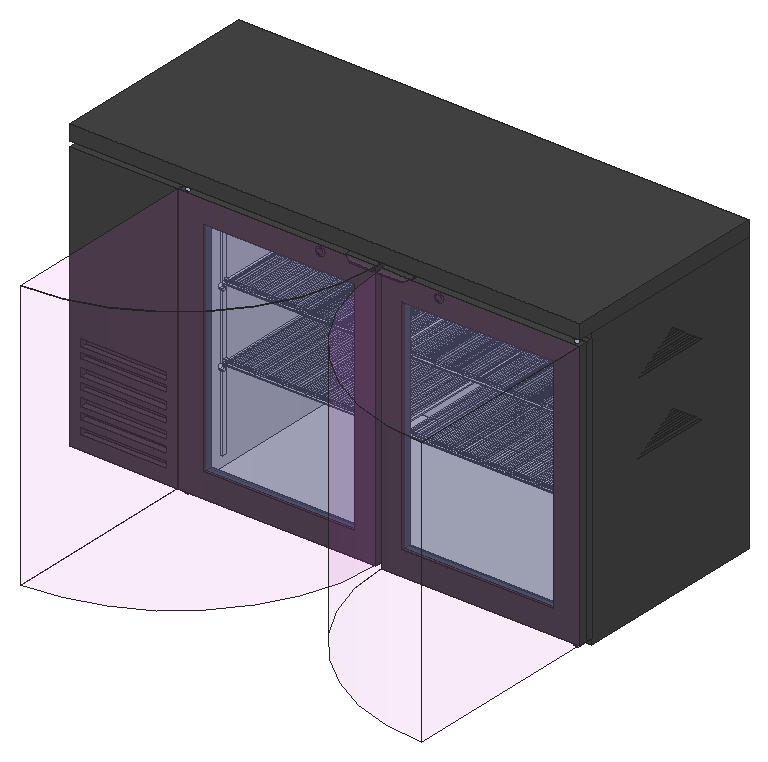
Revit family "QF_True_TBB24-60-2G-Z1-BST-B-1_Glass_Swing_Door_Back_Bar", category Specialty Equipment, Revit 2021 (continued)
Definition of nested family "Family3"
  Definition of nested family "2 INCHES_CASTER"
    Forms (in)
      Extrusion 4, solid, visible <- "2 Inches Caster"
        sketch origin (-1.98481, 1.43296, -1.7541) x (0, 1, 0) y (0, 0, 1)
          loop
            line (-0.29048, 3.52526) -> (-0.22239, 3.64306)
            arc (-0.22239, 3.64306) -> (-0.42936, 3.69906) -> (-0.64294, 3.71792) r 1.21859
            line (-0.64294, 3.71792) -> (-2.21294, 3.71792)
        from 2.74918 to 2.90825
      Extrusion 5, solid, visible <- "2 Inches Caster"
        sketch origin (1.98481, 1.43296, -1.7541) x (0, 1, 0) y (0, 0, -1)
          loop
            arc (-0.58446, -2.55082) -> (-0.59625, -2.50123) -> (-0.6121, -2.45278) r 0.61695
            arc (-0.6121, -2.45278) -> (-0.94802, -2.21237) -> (-1.29729, -2.43295) r 0.37001
            arc (-1.29729, -2.43295) -> (-1.36136, -2.62044) -> (-1.39241, -2.81612) r 1.15385
            arc (-1.39241, -2.81612) -> (-1.56115, -3.28048) -> (-1.94904, -3.58652) r 0.90292
            line (-1.94904, -3.58652) -> (-2.21294, -3.58652) -> (-2.21294, -3.71792) -> (-0.64294, -3.71792)
            arc (-0.64294, -3.71792) -> (-0.42936, -3.69906) -> (-0.22239, -3.64306) r 1.21859
            line (-0.22239, -3.64306) -> (-0.29048, -3.52526)
            arc (-0.29048, -3.52526) -> (-0.07255, -3.40259) -> (0.12713, -3.252) r 1.8753
            line (0.12713, -3.252) -> (0.05609, -3.15367)
            arc (0.05609, -3.15367) -> (-0.36134, -2.95548) -> (-0.58446, -2.55082) r 0.75313
        from 2.74918 to 2.90825
    Cuts and joins
      joined: Revolve 1, Extrusion 4, Extrusion 5
    Lines and regions (in)
      symbolic lines, visible <- "2 Inches Caster"
        curve 1: line (0.10651, 1.59133, 0) -> (0.80944, 1.1855, 0)
        curve 2: line (-0.89349, -0.14072, 0) -> (0.10651, 1.59133, 0)
        curve 3: line (-0.19056, -0.54656, 0) -> (-0.89349, -0.14072, 0)
        curve 4: line (0.80944, 1.1855, 0) -> (-0.19056, -0.54656, 0)
    Dimensions and locks (in)
      plane 4 "TOP" to level = 2"  (x2)
      aligned and locked: level to plane 1
  Definition of nested family "3 INCHES 01_CASTER"
    Parameters (values of type "3 INCHES 01_CASTER")
      Weight = ""
      URL Manufacturer = ""
      URL Cutsheet = ""
      URL = ""
      Type Mark [instance] = ""
      Specification by User [instance] = ""
      Specification by Manufacturer = ""
      Serial Number = ""
      Seismic Rating = ""
      SMACNA No = ""
      Revision Code [instance] = ""
      Omniclass Number and Title = ""
      NAFEM Spec ID Number = ""
      Model = ""
      MasterSpec. = ""
      Manufacturer = ""
      Item Number [instance] = ""
      Installed By [instance] = ""
      Identify Quantity as Lot [instance] = yes
      Furnished By [instance] = ""
      Foodservice Equipment Identifier [instance] = yes
      Description = ""
      Default Elevation = 0"
      CSI MasterFormat = ""
      CSI Master Format = ""
      Assembly Code = ""
      3 Inches Caster [instance] = yes
    Reference planes (in)
      plane 1: z = 0
      plane 2 "RIGHT": x = 0
      plane 3 "FRONT": y = 0
      plane 4 "TOP": z = 3
    Forms (in)
      Revolve 1, solid, visible <- "3 Inches Caster"
        sketch origin (-1.93794, 0.56004, -1.0041) x (1, 0, 0) y (0, 0, 1)
          loop
            line (0.74055, 2.11347) -> (0.74055, 2.03797) -> (0.79055, 1.98797) -> (0.85055, 1.98797) -> (0.85055, 1.8679) -> (1.235, 1.8679) -> (1.235, 1.7068) -> (1.36441, 1.63209) -> (1.4003, 1.41035) -> (1.34375, 1.41035) -> (1.34375, 1.28535) -> (1.375, 1.28535) -> (1.375, 1.0041) -> (2.48438, 1.0041) -> (2.48438, 1.28535) -> (2.51563, 1.28535) -> (2.51563, 1.41035) -> (2.45908, 1.41035) -> (2.49553, 1.6356) -> (2.62438, 1.70999) -> (2.62438, 1.8679) -> (3.04007, 1.8679) -> (3.04007, 1.98797) -> (3.10007, 1.98797) -> (3.15007, 2.03797) -> (3.15007, 2.11347) -> (0.74055, 2.11347)
          axis (0.74055, 2.11347) -> (3.15007, 2.11347)
        angle from 0 to 360
      Extrusion 2, solid, visible <- "3 Inches Caster"
        sketch origin (-1.93794, 1.35294, -3.2541) x (0, 1, 0) y (0, 0, 1)
          loop
            line (-0.41094, 5.86793) -> (-0.41094, 6.01276) -> (-2.29494, 6.01276) -> (-2.29494, 5.71244) -> (-1.82301, 5.71244)
            arc (-1.82301, 5.71244) -> (-1.00307, 5.59865) -> (-0.19592, 5.41488) r 9.6332
            arc (-0.19592, 5.41488) -> (0.12646, 5.29481) -> (0.42224, 5.11916) r 1.92059
            line (0.42224, 5.11916) -> (0.51314, 5.245)
            arc (0.51314, 5.245) -> (0.27353, 5.42569) -> (0.01201, 5.5729) r 2.25036
            line (0.01201, 5.5729) -> (0.09371, 5.71426)
            arc (0.09371, 5.71426) -> (-0.15272, 5.81043) -> (-0.41094, 5.86793) r 1.73151
        from 1.17357 to 2.70231
      Revolve 3, solid, visible <- "3 Inches Caster"
        sketch origin (0, 1.73858, -3.25) x (0, 1, 0) y (0, 0, 1)
          loop
            line (-1.73858, 6.25) -> (-1.73858, 6.00866) -> (-0.93293, 6.00866) -> (-0.93293, 6.25) -> (-1.73858, 6.25)
          axis (-1.73858, 6.00866) -> (-1.73858, 6.25)
        angle from 0 to 360
      Extrusion 4, solid, visible <- "3 Inches Caster"
        sketch origin (-1.98481, 1.35294, -1.7541) x (0, 1, 0) y (0, 0, 1)
          loop
            line (-2.29494, 4.51276) -> (-2.29494, 4.21244) -> (-2.2074, 4.21244)
            arc (-2.2074, 4.21244) -> (-1.58796, 3.87196) -> (-1.3103, 3.22193) r 1.0835
            arc (-1.3103, 3.22193) -> (-1.27304, 2.98711) -> (-1.19616, 2.76214) r 1.38462
            arc (-1.19616, 2.76214) -> (-0.77704, 2.49744) -> (-0.37393, 2.78593) r 0.44401
            arc (-0.37393, 2.78593) -> (-0.35491, 2.84407) -> (-0.34077, 2.90358) r 0.74034
            arc (-0.34077, 2.90358) -> (-0.07302, 3.38916) -> (0.4279, 3.62699) r 0.90376
            line (0.4279, 3.62699) -> (0.51314, 3.745)
            arc (0.51314, 3.745) -> (0.27353, 3.92569) -> (0.01201, 4.0729) r 2.25036
            line (0.01201, 4.0729) -> (0.09371, 4.21426)
            arc (0.09371, 4.21426) -> (-0.15272, 4.31043) -> (-0.41094, 4.36793) r 1.73151
            line (-0.41094, 4.36793) -> (-0.41094, 4.51276) -> (-2.29494, 4.51276)
        from 2.74918 to 2.90825
      Extrusion 5, solid, visible <- "3 Inches Caster"
        sketch origin (1.98481, 1.35294, -1.7541) x (0, 1, 0) y (0, 0, -1)
          loop
            line (-2.29494, -4.51276) -> (-0.41094, -4.51276) -> (-0.41094, -4.36793)
            arc (-0.41094, -4.36793) -> (-0.15272, -4.31043) -> (0.09371, -4.21426) r 1.73151
            line (0.09371, -4.21426) -> (0.01201, -4.0729)
            arc (0.01201, -4.0729) -> (0.27353, -3.92569) -> (0.51314, -3.745) r 2.25036
            line (0.51314, -3.745) -> (0.4279, -3.62699)
            arc (0.4279, -3.62699) -> (-0.07302, -3.38916) -> (-0.34077, -2.90358) r 0.90376
            arc (-0.34077, -2.90358) -> (-0.35491, -2.84407) -> (-0.37393, -2.78593) r 0.74034
            arc (-0.37393, -2.78593) -> (-0.77704, -2.49744) -> (-1.19616, -2.76214) r 0.44401
            arc (-1.19616, -2.76214) -> (-1.27304, -2.98711) -> (-1.3103, -3.22193) r 1.38462
            arc (-1.3103, -3.22193) -> (-1.58796, -3.87196) -> (-2.2074, -4.21244) r 1.0835
            line (-2.2074, -4.21244) -> (-2.29494, -4.21244) -> (-2.29494, -4.51276)
        from 2.74918 to 2.90825
    Cuts and joins
      joined: Extrusion 2, Extrusion 4, Extrusion 5
    Lines and regions (in)
      symbolic lines, visible <- "3 Inches Caster"
        curve 1: line (0.1877, 1.65194, 0) -> (0.89063, 1.2461, 0)
        curve 2: line (-1.00175, -0.40823, 0) -> (0.1877, 1.65194, 0)
        curve 3: line (-0.29881, -0.81407, 0) -> (-1.00175, -0.40823, 0)
        curve 4: line (0.89063, 1.2461, 0) -> (-0.29881, -0.81407, 0)
    Dimensions and locks (in)
      plane 4 "TOP" to level = 3"  (x2)
      aligned and locked: level to plane 1
  Definition of nested family "4 INCHES_CASTER"
    Parameters (values of type "4 INCHES_CASTER")
      Weight = ""
      URL Manufacturer = ""
      URL Cutsheet = ""
      URL = ""
      Type Mark [instance] = ""
      Specification by User [instance] = ""
      Specification by Manufacturer = ""
      Show 4 Inches Casters [instance] = yes
      Serial Number = ""
      Seismic Rating = ""
      SMACNA No = ""
      Revision Code [instance] = ""
      Omniclass Number and Title = ""
      NAFEM Spec ID Number = ""
      Model = ""
      MasterSpec. = ""
      Manufacturer = ""
      Item Number [instance] = ""
      Installed By [instance] = ""
      Identify Quantity as Lot [instance] = yes
      Furnished By [instance] = ""
      Foodservice Equipment Identifier [instance] = yes
      Description = ""
      Default Elevation = 0"
      CSI MasterFormat = ""
      CSI Master Format = ""
      Assembly Code = ""
    Reference planes (in)
      plane 1: z = 0
      plane 2 "RIGHT": x = 0
      plane 3 "FRONT": y = 0
      plane 4 "TOP": z = 4
    Forms (in)
      Revolve 1, solid, visible <- "Show 4 Inches Casters"
        sketch origin (-1.93794, 0.83816, -1.0041) x (1, 0, 0) y (0, 0, 1)
          loop
            line (0.74055, 2.5041) -> (3.15007, 2.5041) -> (3.15007, 2.5796) -> (3.10007, 2.6296) -> (3.04007, 2.6296) -> (3.04007, 2.74967) -> (2.62438, 2.74967) -> (2.62438, 2.93884) -> (2.48438, 3.01967) -> (2.45908, 3.17597) -> (2.51563, 3.17597) -> (2.51563, 3.41035) -> (2.48438, 3.41035) -> (2.48438, 4.0041) -> (1.375, 4.0041) -> (1.375, 3.41035) -> (1.34375, 3.41035) -> (1.34375, 3.17597) -> (1.4003, 3.17597) -> (1.37557, 3.02318) -> (1.235, 2.94202) -> (1.235, 2.74967) -> (0.85055, 2.74967) -> (0.85055, 2.6296) -> (0.79055, 2.6296) -> (0.74055, 2.5796) -> (0.74055, 2.5041)
          axis (0.74055, 2.5041) -> (3.15007, 2.5041)
        angle from 0 to 360
      Extrusion 2, solid, visible <- "Show 4 Inches Casters"
        sketch origin (-1.93794, 1.80294, -1.7541) x (0, 1, 0) y (0, 0, 1)
          loop
            line (-3.08794, 5.33423) -> (-3.08794, 5.00584) -> (-2.69466, 5.00584)
            arc (-2.69466, 5.00584) -> (-1.57175, 4.94895) -> (-0.46376, 4.75787) r 9.36411
            arc (-0.46376, 4.75787) -> (-0.05889, 4.58436) -> (0.28335, 4.30705) r 1.60049
            line (0.28335, 4.30705) -> (0.34449, 4.39437)
            arc (0.34449, 4.39437) -> (0.12713, 4.6163) -> (-0.1239, 4.79931) r 1.8753
            line (-0.1239, 4.79931) -> (-0.05749, 4.91421)
            arc (-0.05749, 4.91421) -> (-0.33807, 5.05694) -> (-0.64294, 5.13542) r 1.44292
            line (-0.64294, 5.13542) -> (-0.64294, 5.33423) -> (-3.08794, 5.33423)
        from 1.1267 to 2.74918
      Revolve 3, solid, visible <- "Show 4 Inches Casters"
        sketch origin (0, 2.15543, -2.25) x (0, 1, 0) y (0, 0, 1)
          loop
            line (-2.21793, 6.25) -> (-2.21793, 5.83014) -> (-1.05793, 5.83014) -> (-1.05793, 6.25) -> (-2.21793, 6.25)
          axis (-2.21793, 5.83014) -> (-2.21793, 6.25)
        angle from 0 to 360
      Extrusion 4, solid, visible <- "Show 4 Inches Casters"
        sketch origin (-1.93794, 1.80294, -1.7541) x (0, 1, 0) y (0, 0, 1)
          loop
            line (-3.08794, 5.33423) -> (-3.08794, 5.00584) -> (-2.8913, 5.00584)
            arc (-2.8913, 5.00584) -> (-2.09118, 4.14057) -> (-1.45681, 3.14736) r 6.63355
            arc (-1.45681, 3.14736) -> (-0.85703, 2.75969) -> (-0.4561, 3.35069) r 0.5107
            arc (-0.4561, 3.35069) -> (-0.27092, 3.92503) -> (0.24034, 4.24562) r 0.88136
            line (0.24034, 4.24562) -> (0.34449, 4.39437)
            arc (0.34449, 4.39437) -> (0.12713, 4.6163) -> (-0.1239, 4.79931) r 1.8753
            line (-0.1239, 4.79931) -> (-0.05749, 4.91421)
            arc (-0.05749, 4.91421) -> (-0.33807, 5.05694) -> (-0.64294, 5.13542) r 1.44292
            line (-0.64294, 5.13542) -> (-0.64294, 5.33423) -> (-3.08794, 5.33423)
        from 2.74918 to 2.90825
      Extrusion 5, solid, visible <- "Show 4 Inches Casters"
        sketch origin (1.93794, 1.80294, -1.7541) x (0, 1, 0) y (0, 0, -1)
          loop
            line (-3.08794, -5.33423) -> (-0.64294, -5.33423) -> (-0.64294, -5.13542)
            arc (-0.64294, -5.13542) -> (-0.33807, -5.05694) -> (-0.05749, -4.91421) r 1.44292
            line (-0.05749, -4.91421) -> (-0.1239, -4.79931)
            arc (-0.1239, -4.79931) -> (0.12713, -4.6163) -> (0.34449, -4.39437) r 1.8753
            line (0.34449, -4.39437) -> (0.24034, -4.24562)
            arc (0.24034, -4.24562) -> (-0.27092, -3.92503) -> (-0.4561, -3.35069) r 0.88136
            arc (-0.4561, -3.35069) -> (-0.85703, -2.75969) -> (-1.45681, -3.14736) r 0.5107
            arc (-1.45681, -3.14736) -> (-2.09118, -4.14057) -> (-2.8913, -5.00584) r 6.63355
            line (-2.8913, -5.00584) -> (-3.08794, -5.00584) -> (-3.08794, -5.33423)
        from 2.74918 to 2.90825
    Cuts and joins
      joined: Extrusion 2, Extrusion 4, Extrusion 5
    Lines and regions (in)
      symbolic lines, visible <- "Show 4 Inches Casters"
        curve 1: line (0.28481, 1.83041, 0) -> (1.24556, 1.27572, 0)
        curve 2: line (-1.26206, -0.84886, 0) -> (0.28481, 1.83041, 0)
        curve 3: line (-0.30132, -1.40355, 0) -> (-1.26206, -0.84886, 0)
        curve 4: line (1.24556, 1.27572, 0) -> (-0.30132, -1.40355, 0)
    Dimensions and locks (in)
      plane 4 "TOP" to level = 4"  (x2)
      aligned and locked: level to plane 1
  Definition of nested family "5 INCHES 01_CASTER 2"
    Parameters (values of type "5 INCHES 01_CASTER 2")
      Weight = ""
      URL Manufacturer = ""
      URL Cutsheet = ""
      URL = ""
      Type Mark [instance] = ""
      Specification by User [instance] = ""
      Specification by Manufacturer = ""
      Show 5" Casters [instance] = yes
      Serial Number = ""
      Seismic Rating = ""
      SMACNA No = ""
      Revision Code [instance] = ""
      Omniclass Number and Title = ""
      NAFEM Spec ID Number = ""
      Model = ""
      MasterSpec. = ""
      Manufacturer = ""
      Key Locks [instance] = yes
      Item Number [instance] = ""
      Installed By [instance] = ""
      Identify Quantity as Lot [instance] = yes
      Furnished By [instance] = ""
      Foodservice Equipment Identifier [instance] = yes
      Description = ""
      Default Elevation = 0"
      CSI MasterFormat = ""
      CSI Master Format = ""
      Assembly Code = ""
    Reference planes (in)
      plane 1: z = 0
      plane 2 "RIGHT": x = 0
      plane 3 "FRONT": y = 0
      plane 4 "TOP": z = 5
    Forms (in)
      Revolve 1, solid, visible <- "Show 5" Casters"
        sketch origin (-1.93794, 0.99859, -1.0041) x (1, 0, 0) y (0, 0, 1)
          loop
            line (0.74055, 3.0041) -> (0.74055, 2.9286) -> (0.79055, 2.8786) -> (0.85055, 2.8786) -> (0.85055, 2.75852) -> (1.235, 2.75852) -> (1.235, 2.56618) -> (1.37557, 2.48502) -> (1.49133, 1.76972) -> (1.34375, 1.76972) -> (1.34375, 1.53535) -> (1.375, 1.53535) -> (1.375, 1.0041) -> (2.48438, 1.0041) -> (2.48438, 1.53535) -> (2.51563, 1.53535) -> (2.51563, 1.76972) -> (2.36805, 1.76972) -> (2.48438, 2.48853) -> (2.62438, 2.56936) -> (2.62438, 2.75852) -> (3.04007, 2.75852) -> (3.04007, 2.8786) -> (3.10007, 2.8786) -> (3.15007, 2.9286) -> (3.15007, 3.0041) -> (0.74055, 3.0041)
          axis (0.74055, 3.0041) -> (3.15007, 3.0041)
        angle from 0 to 360
      Extrusion 2, solid, visible <- "Show 5" Casters"
        sketch origin (-1.93794, 1.96337, -0.7541) x (0, 1, 0) y (0, 0, 1)
          loop
            line (-3.37739, 5.33423) -> (-3.37739, 4.92712) -> (-2.49294, 4.92712)
            arc (-2.49294, 4.92712) -> (-1.47209, 4.91752) -> (-0.46376, 4.75787) r 6.92153
            arc (-0.46376, 4.75787) -> (0.14199, 4.53396) -> (0.67481, 4.16904) r 2.62713
            line (0.67481, 4.16904) -> (0.7876, 4.33012)
            arc (0.7876, 4.33012) -> (0.48098, 4.5674) -> (0.13288, 4.73811) r 1.91675
            line (0.13288, 4.73811) -> (0.21197, 4.87494)
            arc (0.21197, 4.87494) -> (-0.1576, 5.02102) -> (-0.54934, 5.08775) r 1.91675
            line (-0.54934, 5.08775) -> (-0.54934, 5.33423) -> (-3.37739, 5.33423)
        from 1.17357 to 2.70231
      Revolve 3, solid, visible <- "Show 5" Casters"
        sketch origin (0, 2.15543, -1.25) x (0, 1, 0) y (0, 0, 1)
          loop
            line (-2.21793, 6.25) -> (-2.21793, 5.83014) -> (-1.05793, 5.83014) -> (-1.05793, 6.25) -> (-2.21793, 6.25)
          axis (-2.21793, 5.83014) -> (-2.21793, 6.25)
        angle from 0 to 360
      Extrusion 4, solid, visible <- "Show 5" Casters"
        sketch origin (-1.98481, 1.96337, -0.7541) x (0, 1, 0) y (0, 0, 1)
          loop
            line (-3.37739, 5.33423) -> (-3.37739, 4.92712) -> (-3.13361, 4.92712)
            arc (-3.13361, 4.92712) -> (-2.12623, 3.92533) -> (-1.55834, 2.62307) r 3.79122
            arc (-1.55834, 2.62307) -> (-0.81477, 2.14247) -> (-0.31772, 2.87515) r 0.63314
            arc (-0.31772, 2.87515) -> (-0.02244, 3.67728) -> (0.68637, 4.15498) r 1.39003
            line (0.68637, 4.15498) -> (0.7876, 4.33012)
            arc (0.7876, 4.33012) -> (0.48098, 4.5674) -> (0.13288, 4.73811) r 1.91675
            line (0.13288, 4.73811) -> (0.21197, 4.87494)
            arc (0.21197, 4.87494) -> (-0.1576, 5.02102) -> (-0.54934, 5.08775) r 1.91675
            line (-0.54934, 5.08775) -> (-0.54934, 5.33423) -> (-3.37739, 5.33423)
        from 2.74918 to 2.90825
      Extrusion 5, solid, visible <- "Show 5" Casters"
        sketch origin (1.98481, 1.96337, -0.7541) x (0, 1, 0) y (0, 0, -1)
          loop
            line (-3.37739, -5.33423) -> (-0.54934, -5.33423) -> (-0.54934, -5.08775)
            arc (-0.54934, -5.08775) -> (-0.1576, -5.02102) -> (0.21197, -4.87494) r 1.91675
            line (0.21197, -4.87494) -> (0.13288, -4.73811)
            arc (0.13288, -4.73811) -> (0.48098, -4.5674) -> (0.7876, -4.33012) r 1.91675
            line (0.7876, -4.33012) -> (0.68637, -4.15498)
            arc (0.68637, -4.15498) -> (-0.02244, -3.67728) -> (-0.31772, -2.87515) r 1.39003
            arc (-0.31772, -2.87515) -> (-0.81477, -2.14247) -> (-1.55834, -2.62307) r 0.63314
            arc (-1.55834, -2.62307) -> (-2.12623, -3.92533) -> (-3.13361, -4.92712) r 3.79122
            line (-3.13361, -4.92712) -> (-3.37739, -4.92712) -> (-3.37739, -5.33423)
        from 2.74918 to 2.90825
      Extrusion 6, solid, visible <- "Key Locks"
        sketch origin (-0.96875, 2.04726, -0.57589) x (0, 1, 0) y (0, 0, -1)
          loop
            line (-2.58496, -2.03961) -> (-1.89213, -2.43961) -> (-1.53273, -2.64711)
            arc (-1.53273, -2.64711) -> (-1.45411, -2.76529) -> (-1.38688, -2.89031) r 1.51617
            arc (-1.38688, -2.89031) -> (-1.13602, -3.13035) -> (-0.79652, -3.20306) r 0.63657
            arc (-0.79652, -3.20306) -> (-0.67098, -3.20163) -> (-0.54633, -3.21661) r 0.9589
            line (-0.54633, -3.21661) -> (0.23309, -3.66661) -> (0.42979, -3.32592)
            arc (0.42979, -3.32592) -> (0.46473, -3.10362) -> (0.3415, -2.91533) r 0.313
            line (0.3415, -2.91533) -> (0.21087, -3.04595)
            arc (0.21087, -3.04595) -> (0.24081, -3.14321) -> (0.14284, -3.17074) r 0.07109
            line (0.14284, -3.17074) -> (-0.52795, -2.78336)
            arc (-0.52795, -2.78336) -> (-0.62217, -2.51108) -> (-0.36609, -2.37904) r 0.22
            arc (-0.36609, -2.37904) -> (-0.3435, -2.357) -> (-0.33862, -2.32583) r 0.05
            arc (-0.33862, -2.32583) -> (-0.50047, -2.10967) -> (-0.75504, -2.01961) r 0.46592
            line (-0.75504, -2.01961) -> (-1.49574, -2.01961)
            arc (-1.49574, -2.01961) -> (-1.57675, -2.00894) -> (-1.65224, -1.97767) r 0.313
            line (-1.65224, -1.97767) -> (-2.05389, -1.74578)
            arc (-2.05389, -1.74578) -> (-2.2914, -1.71451) -> (-2.48146, -1.86034) r 0.313
            line (-2.48146, -1.86034) -> (-2.58496, -2.03961)
        from 0 to 0.0625
      Extrusion 7, solid, visible <- "Key Locks"
        sketch origin (-0.96875, 2.04726, -0.57589) x (0, 1, 0) y (0, 0, -1)
          loop
            line (-0.45692, -2.6604) -> (0.47061, -3.19578)
            arc (0.47061, -3.19578) -> (0.44304, -3.03852) -> (0.3415, -2.91533) r 0.313
            line (0.3415, -2.91533) -> (-0.36656, -2.53415)
            arc (-0.36656, -2.53415) -> (-0.48136, -2.54745) -> (-0.45692, -2.6604) r 0.078
        from 0 to 0.5
      Extrusion 8, solid, visible <- "Key Locks"
        sketch origin (0.96875, 2.04726, -0.57589) x (0, 1, 0) y (0, 0, 1)
          loop
            line (-2.58496, 2.03961) -> (-2.48146, 1.86034)
            arc (-2.48146, 1.86034) -> (-2.2914, 1.71451) -> (-2.05389, 1.74578) r 0.313
            line (-2.05389, 1.74578) -> (-1.65224, 1.97767)
            arc (-1.65224, 1.97767) -> (-1.57675, 2.00894) -> (-1.49574, 2.01961) r 0.313
            line (-1.49574, 2.01961) -> (-0.75504, 2.01961)
            arc (-0.75504, 2.01961) -> (-0.50047, 2.10967) -> (-0.33862, 2.32583) r 0.46592
            arc (-0.33862, 2.32583) -> (-0.3435, 2.357) -> (-0.36609, 2.37904) r 0.05
            arc (-0.36609, 2.37904) -> (-0.62217, 2.51108) -> (-0.52795, 2.78336) r 0.22
            line (-0.52795, 2.78336) -> (0.14284, 3.17074)
            arc (0.14284, 3.17074) -> (0.24081, 3.14321) -> (0.21087, 3.04595) r 0.07109
            line (0.21087, 3.04595) -> (0.3415, 2.91533)
            arc (0.3415, 2.91533) -> (0.46473, 3.10362) -> (0.42979, 3.32592) r 0.313
            line (0.42979, 3.32592) -> (0.23309, 3.66661) -> (-0.54633, 3.21661)
            arc (-0.54633, 3.21661) -> (-0.67098, 3.20163) -> (-0.79652, 3.20306) r 0.9589
            arc (-0.79652, 3.20306) -> (-1.13602, 3.13035) -> (-1.38688, 2.89031) r 0.63657
            arc (-1.38688, 2.89031) -> (-1.45411, 2.76529) -> (-1.53273, 2.64711) r 1.51617
            line (-1.53273, 2.64711) -> (-1.89213, 2.43961) -> (-2.58496, 2.03961)
        from 0 to 0.0625
      Extrusion 9, solid, visible <- "Key Locks"
        sketch origin (0.96875, 2.04726, -0.57589) x (0, 1, 0) y (0, 0, 1)
          loop
            arc (-0.45692, 2.6604) -> (-0.48136, 2.54745) -> (-0.36656, 2.53415) r 0.078
            line (-0.36656, 2.53415) -> (0.3415, 2.91533)
            arc (0.3415, 2.91533) -> (0.44304, 3.03852) -> (0.47061, 3.19578) r 0.313
            line (0.47061, 3.19578) -> (-0.45692, 2.6604)
        from 0 to 0.5
    Cuts and joins
      joined: Extrusion 2, Extrusion 4, Extrusion 5
    Lines and regions (in)
      symbolic lines, visible <- "Show 5" Casters"
        curve 1: line (0.54262, 2.21348, 0) -> (1.50337, 1.65879, 0)
        curve 2: line (-1.45738, -1.25062, 0) -> (-0.70738, 0.04842, 0)
        curve 3: line (-0.49663, -1.80531, 0) -> (-1.45738, -1.25062, 0)
        curve 4: line (1.50337, 1.65879, 0) -> (0.75337, 0.35975, 0)
        curve 5: line (-0.20738, 0.91444, 0) -> (0.54262, 2.21348, 0)
        curve 6: line (0.25337, -0.50627, 0) -> (-0.49663, -1.80531, 0)
    Dimensions and locks (in)
      plane 4 "TOP" to level = 5"  (x2)
      aligned and locked: level to plane 1
  Definition of nested family "6 INCHES LEGS"
    Parameters (values of type "6 INCHES LEGS")
      Weight = ""
      URL Manufacturer = ""
      URL Cutsheet = ""
      URL = ""
      Type Mark [instance] = ""
      Status [instance] = ""
      Specification by User [instance] = ""
      Specification by Manufacturer = ""
      Show 6" Legs [instance] = yes
      Show Seismic Flanged [instance] = yes
      Serial Number = ""
      Seismic Rating = ""
      SMACNA No = ""
      Revision Code [instance] = ""
      Omniclass Number and Title = ""
      NAFEM Spec ID Number = ""
      Model = ""
      MasterSpec. = ""
      Manufacturer = ""
      Item Number [instance] = ""
      Installed By [instance] = ""
      Identify Quantity as Lot [instance] = yes
      Furnished By [instance] = ""
      Foodservice Equipment Identifier [instance] = yes
      Description = ""
      Default Elevation = 0"
      CSI MasterFormat = ""
      CSI Master Format = ""
      Assembly Code = ""
    Reference planes (in)
      plane 1: z = 0
      plane 2 "RIGHT": x = 0
      plane 3 "FRONT": y = 0
      plane 4 "TOP": z = 6
    Forms (in)
      Revolve 1, solid, visible <- "Show 6" Legs"
        sketch origin (11.12172, 0, 0) x (-1, 0, 0) y (0, 0, -1)
          loop
            line (11.12172, -6) -> (11.12172, 0) -> (10.62172, 0) -> (10.62172, -1.30261) -> (10.37172, -1.30261) -> (10.37172, -6) -> (11.12172, -6)
          axis (11.12172, 0) -> (11.12172, -6)
        angle from 0 to 360
      Extrusion 2, solid, visible <- "Show Seismic Flanged"
        sketch origin (0, 0, 0) x (1, 0, 0) y (0, 1, 0)
          loop
            circle (0, 0) r 1
        from 0 to 0.03125
    Dimensions and locks (in)
      plane 4 "TOP" to level = 6"  (x2)
      locked: Revolve 1 sketch curve to Revolve 1 sketch curve at 1.30261
      locked: Revolve 1 sketch curve to Revolve 1 sketch curve at 0.75
      aligned and locked: level to plane 1
  Definition of nested family "6 INCHES LEGS WITH FLANGED"
    Parameters (values of type "6 INCHES LEGS WITH FLANGED")
      Weight = ""
      URL Manufacturer = ""
      URL Cutsheet = ""
      URL = ""
      Type Mark [instance] = ""
      Status [instance] = ""
      Specification by User [instance] = ""
      Specification by Manufacturer = ""
      Show 6" Seismic Flanged [instance] = yes
      Serial Number = ""
      Seismic Rating = ""
      SMACNA No = ""
      Revision Code [instance] = ""
      Omniclass Number and Title = ""
      NAFEM Spec ID Number = ""
      Model = ""
      MasterSpec. = ""
      Manufacturer = ""
      Item Number [instance] = ""
      Installed By [instance] = ""
      Identify Quantity as Lot [instance] = yes
      Furnished By [instance] = ""
      Foodservice Equipment Identifier [instance] = yes
      Description = ""
      Default Elevation = 0"
      CSI MasterFormat = ""
      CSI Master Format = ""
      Assembly Code = ""
    Reference planes (in)
      plane 1: z = 0
      plane 2 "RIGHT": x = 0
      plane 3 "FRONT": y = 0
      plane 4 "TOP": z = 6
    Forms (in)
      Revolve 1, solid, visible <- "Show 6" Seismic Flanged"
        sketch origin (11.12172, 0, 0) x (-1, 0, 0) y (0, 0, -1)
          loop
            line (11.12172, -6) -> (11.12172, 0) -> (10.62172, 0) -> (10.62172, -1.30261) -> (10.37172, -1.30261) -> (10.37172, -6) -> (11.12172, -6)
          axis (11.12172, 0) -> (11.12172, -6)
        angle from 0 to 360
      Extrusion 2, solid, visible <- "Show 6" Seismic Flanged"
        sketch origin (0, 0, 0) x (1, 0, 0) y (0, 1, 0)
          loop
            circle (0, 0) r 1
        from 0 to 0.03125
    Dimensions and locks (in)
      plane 4 "TOP" to level = 6"  (x2)
      locked: Revolve 1 sketch curve to Revolve 1 sketch curve at 1.30261
      locked: Revolve 1 sketch curve to Revolve 1 sketch curve at 0.75
      aligned and locked: level to plane 1
